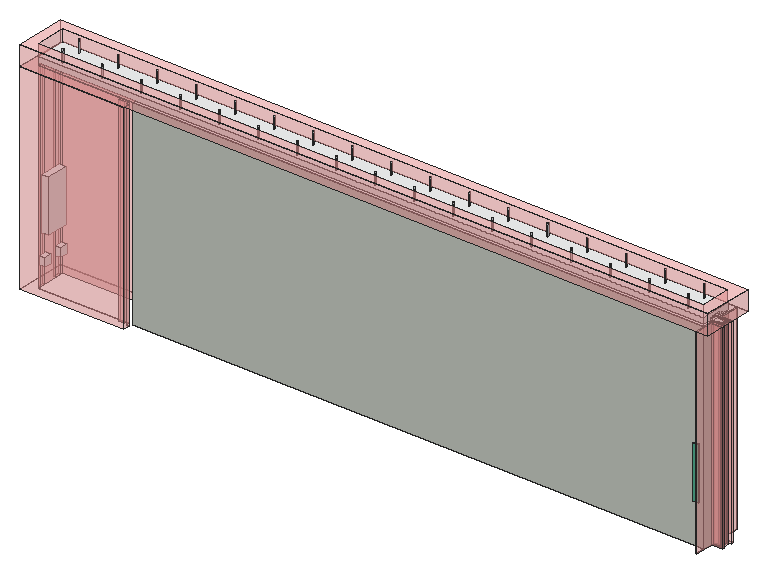
Revit family "Doors-Sliding_WON-DOOR_Fireguard-FG-Straight_Single-Parting-Door - Test V1 -  all heights", category Doors, host Wall, Revit 2022 (continued)
Automatic sketch dimensions
  Masking region 7 sketch curve to Masking region 7 sketch curve = 0' - 0.12231"  (x2)
  Masking region 7 sketch curve to Masking region 7 sketch curve = 0' - 0.07217"  (x2)
  Masking region 7 sketch curve to Masking region 7 sketch curve = 0' - 0.20903"
  Masking region 7 sketch curve to Masking region 7 sketch curve = 0' - 0.20908"
  Masking region 7 sketch curve to Masking region 7 sketch curve = 0' - 0.24494"  (x2)
  Masking region 7 sketch curve to Masking region 7 sketch curve = 0' - 0.03658"  (x2)
  Masking region 7 sketch curve to Masking region 7 sketch curve = 0' - 0.1256"  (x2)
  Masking region 7 sketch curve to Masking region 7 sketch curve = 0' - 0.31574"  (x2)
  Masking region 7 sketch curve to Masking region 7 sketch curve = 0' - 0.01314"  (x2)
  Masking region 7 sketch curve to curve 4 = 0' - 4.78838"  (x2)
  Masking region 7 sketch curve to Masking region 7 sketch curve = 0' - 0.01456"  (x4)
  Masking region 7 sketch curve to curve 4 = 0' - 3 105/256"
  Masking region 7 sketch curve to Masking region 7 sketch curve = 0' - 0.07717"
  curve 4 to Masking region 9 sketch curve = 0' - 1.78349"
  Masking region 9 sketch curve to Masking region 9 sketch curve = 0' - 0 1/8"  (x5)
  Masking region 9 sketch curve to Masking region 9 sketch curve = 0' - 0.27575"  (x3)
  Masking region 9 sketch curve to Masking region 9 sketch curve = 0' - 0 9/256"  (x13)
  Masking region 9 sketch curve to Masking region 9 sketch curve = 0' - 0.07224"
  Masking region 9 sketch curve to Masking region 9 sketch curve = 0' - 0"  (x6)
  Masking region 9 sketch curve to Masking region 9 sketch curve = 0' - 0.03708"
  Masking region 9 sketch curve to Masking region 9 sketch curve = 0' - 0.01219"
  Masking region 9 sketch curve to Masking region 9 sketch curve = 0' - 0.06624"
  Masking region 9 sketch curve to Masking region 9 sketch curve = 0' - 0.07321"
  Masking region 9 sketch curve to Masking region 9 sketch curve = 0' - 0.00942"  (x4)
  Masking region 9 sketch curve to Masking region 9 sketch curve = 0' - 0.02856"
  Masking region 9 sketch curve to Masking region 9 sketch curve = 0' - 0.07411"  (x4)
  Masking region 9 sketch curve to Masking region 9 sketch curve = 0' - 0.06191"  (x2)
  Masking region 9 sketch curve to Masking region 9 sketch curve = 0' - 0.03553"
  Masking region 9 sketch curve to curve 4 = 0' - 1.60527"
  Masking region 9 sketch curve to Masking region 9 sketch curve = 0' - 0.0938"  (x2)
  Masking region 9 sketch curve to Masking region 9 sketch curve = 0' - 0.05839"  (x2)
  Masking region 9 sketch curve to Masking region 9 sketch curve = 0' - 0.06989"
  Masking region 9 sketch curve to curve 4 = 0' - 0.8885"
  Masking region 9 sketch curve to curve 4 = 0' - 0.7635"
  curve 4 to Masking region 9 sketch curve = 0' - 0.72834"
  curve 4 to Masking region 9 sketch curve = 0' - 0.85334"
  curve 4 to Masking region 9 sketch curve = 0' - 1.53701"
  Masking region 9 sketch curve to Masking region 9 sketch curve = 0' - 0.0115"
  Masking region 9 sketch curve to Masking region 9 sketch curve = 0' - 0.0331"
  Masking region 9 sketch curve to Masking region 9 sketch curve = 0' - 0.03678"
  Masking region 9 sketch curve to Masking region 9 sketch curve = 0' - 5 1/16"
  Masking region 9 sketch curve to Masking region 9 sketch curve = 0' - 0.11119"
  Masking region 9 sketch curve to curve 4 = 0' - 10.646"  (x2)
  Masking region 9 sketch curve to Masking region 9 sketch curve = 0' - 0.23106"  (x2)
  Masking region 9 sketch curve to Masking region 9 sketch curve = 0' - 0.24143"  (x2)
  Masking region 9 sketch curve to Masking region 9 sketch curve = 0' - 0.27657"  (x3)
  Masking region 9 sketch curve to Masking region 9 sketch curve = 0' - 0.24019"  (x2)
  Masking region 9 sketch curve to Masking region 9 sketch curve = 0' - 0.1348"  (x2)
  Masking region 9 sketch curve to Masking region 9 sketch curve = 0' - 0.00201"  (x2)
  Masking region 9 sketch curve to Masking region 9 sketch curve = 0' - 0.1066"
  Masking region 9 sketch curve to Masking region 9 sketch curve = 0' - 0.81434"  (x2)
  Masking region 9 sketch curve to Masking region 9 sketch curve = 0' - 0.164"  (x2)
  Masking region 9 sketch curve to Masking region 9 sketch curve = 0' - 0.81213"
  Masking region 9 sketch curve to curve 4 = 0' - 7.58972"
  Masking region 9 sketch curve to Masking region 9 sketch curve = 0' - 0.10881"  (x2)
  Masking region 9 sketch curve to Masking region 9 sketch curve = 0' - 0.03314"  (x2)
  Masking region 9 sketch curve to Masking region 9 sketch curve = 0' - 0.2382"  (x2)
  Masking region 9 sketch curve to Masking region 9 sketch curve = 0' - 0.03837"  (x2)
  Masking region 9 sketch curve to curve 4 = 0' - 4.78838"  (x2)
  Masking region 9 sketch curve to Masking region 9 sketch curve = 0' - 0.01456"  (x4)
  Masking region 9 sketch curve to curve 4 = 0' - 3 105/256"
  Masking region 9 sketch curve to Masking region 9 sketch curve = 0' - 0.08263"
  Masking region 9 sketch curve to Masking region 9 sketch curve = 0' - 0.07566"
  curve 4 to Masking region 13 sketch curve = 0' - 2.26867"
  Masking region 13 sketch curve to curve 4 = 0' - 0.9355"
  curve 4 to Masking region 13 sketch curve = 0' - 0.9355"
  Masking region 13 sketch curve to Masking region 13 sketch curve = 0' - 5.79583"
  Masking region 13 sketch curve to curve 4 = 0' - 10.64611"
  Masking region 13 sketch curve to Masking region 13 sketch curve = 0' - 3.33295"
  Masking region 13 sketch curve to curve 4 = 0' - 7.31315"
  Masking region 13 sketch curve to curve 4 = 0' - 2.945"
Nested families (in)
  nested 1: "Electrical_Won-Door_Straight-Door" at (-225.5625, 0, 0), Connector Description <- "Connector Description", Voltage <- "Voltage", Power Factor <- "Power Factor", Number of Poles <- "Number of Poles", Current <- "Current", Apparent Load <- "Apparent Load", type "Electrical_Won-Door_Doors"
    with Voltage 120 V, Power Factor 1, Number of Poles 1, Current 10 A, Connector Description "100-240 VAC, 60/50 Hz, 10 AMP", Apparent Load 1200 VA
  nested 2: "Rod_element" at (-215.0625, 0, 124.12), visible <- "Threaded Rods ( by Won-Door )", type "Rod_element"
  nested 3: "Rod_element" at (159.0625, 0, 124.12), visible <- "Threaded Rods ( by Won-Door )", type "Rod_element"
  nested 4: "Rod_element" at (-191.67969, 0, 124.12), visible <- "Threaded Rods ( by Won-Door )", type "Rod_element"
  nested 5: "Rod_element" at (-168.29688, 0, 124.12), visible <- "Threaded Rods ( by Won-Door )", type "Rod_element"
  nested 6: "Rod_element" at (-144.91406, 0, 124.12), visible <- "Threaded Rods ( by Won-Door )", type "Rod_element"
  nested 7: "Rod_element" at (-121.53125, 0, 124.12), visible <- "Threaded Rods ( by Won-Door )", type "Rod_element"
  nested 8: "Rod_element" at (-98.14844, 0, 124.12), visible <- "Threaded Rods ( by Won-Door )", type "Rod_element"
  nested 9: "Rod_element" at (-74.76563, 0, 124.12), visible <- "Threaded Rods ( by Won-Door )", type "Rod_element"
  nested 10: "Rod_element" at (-51.38281, 0, 124.12), visible <- "Threaded Rods ( by Won-Door )", type "Rod_element"
  nested 11: "Rod_element" at (-28, 0, 124.12), visible <- "Threaded Rods ( by Won-Door )", type "Rod_element"
  nested 12: "Rod_element" at (-4.61719, 0, 124.12), visible <- "Threaded Rods ( by Won-Door )", type "Rod_element"
  nested 13: "Rod_element" at (18.76562, 0, 124.12), visible <- "Threaded Rods ( by Won-Door )", type "Rod_element"
  nested 14: "Rod_element" at (42.14844, 0, 124.12), visible <- "Threaded Rods ( by Won-Door )", type "Rod_element"
  nested 15: "Rod_element" at (65.53125, 0, 124.12), visible <- "Threaded Rods ( by Won-Door )", type "Rod_element"
  nested 16: "Rod_element" at (88.91406, 0, 124.12), visible <- "Threaded Rods ( by Won-Door )", type "Rod_element"
  nested 17: "Rod_element" at (112.29687, 0, 124.12), visible <- "Threaded Rods ( by Won-Door )", type "Rod_element"
  nested 18: "Rod_element" at (135.67969, 0, 124.12), visible <- "Threaded Rods ( by Won-Door )", type "Rod_element"
Definition of nested family "Electrical_Won-Door_Straight-Door"
  Parameters (values of type "Electrical_Won-Door_Doors")
    Voltage [instance] = 0 V
    Power Factor [instance] = 0
    Number of Poles [instance] = 1
    Default Elevation = 4' - 0"
    Current [instance] = 10 A
    Connector Description [instance] = "100-240 VAC, 60/50 Hz, 10 AMP"
    Apparent Load [instance] = 0 VA
  Reference planes (in)
    plane 1 "Center (Front/Back)": y = 0
    plane 2: z = 0
    plane 3 "Center (Left/Right)": x = 0
    plane 4: z = 12
    plane 5: z = 17.25
  Forms (in)
    Extrusion 1, solid
      sketch origin (0, 0, 0) x (1, 0, 0) y (0, 1, 0)
        loop
          line (1.5, 4) -> (1.5, 8) -> (-1.5, 8) -> (-1.5, 4) -> (1.5, 4)
        loop
          line (1.5, -4) -> (-1.5, -4) -> (-1.5, -8) -> (1.5, -8) -> (1.5, -4)
      from 12 to 17.25
  Dimensions and locks (in)
    equal spacing: Extrusion 1 sketch curve, plane 1 "Center (Front/Back)", Extrusion 1 sketch curve, locked at 4 each
    locked: plane 1 "Center (Front/Back)" to Extrusion 1 sketch curve at 8
    locked: Extrusion 1 sketch curve to plane 1 "Center (Front/Back)" at 8
    equal spacing: Extrusion 1 sketch curve, plane 3 "Center (Left/Right)", Extrusion 1 sketch curve, locked at 1.5 each  (x2)
    locked: Extrusion 1 sketch curve to Extrusion 1 sketch curve at 3  (x2)
    locked: Extrusion 1 sketch curve to Extrusion 1 sketch curve at 8
    locked: plane 4 to plane 2 at 12
    locked: plane 5 to plane 4 at 5.25
    aligned and locked: plane 2 to level
    aligned and locked: Extrusion 1 to plane 4
    aligned and locked: plane 5 to Extrusion 1
  Connectors (in)
    electrical at (0, -8, 14.625), driven by "Number of Poles", driven by "Voltage", driven by "Power Factor", driven by "Apparent Load", driven by "Apparent Load", driven by "Connector Description"
      settings: on Extrusion 1, index 1, voltage 0 V, apparent load 0 VA, apparent load phase1 0 VA, apparent load phase2 0 VA, apparent load phase3 0 VA, power factor 0, load classification none, number of poles 1, system type 30, power factor state 1, is connector primary yes, connector utility no, sub classification motor no, connector description "100-240 VAC, 60/50 Hz, 10 AMP"
Definition of nested family "Rod_element"
  Parameters (values of type "Rod_element")
    Vis Rod = yes
    Rod Radius = 0' - 0 1/4"  # constant formula
    Rod Height = 0' - 7 1/256"
    Rod Center Position for Depth = 1' - 0"  # constant formula
    Rod Start = 0' - 0"  # constant formula
    Default Elevation = 4' - 0"
  Reference planes (in)
    plane 1 "Center (Front/Back)": y = 0
    plane 2: z = 0
    plane 3 "Center (Left/Right)": x = 0
    plane 4: y = 6
    plane 5: y = -6
    plane 6: x = 0
    plane 7: z = 7.00391
  Forms (in)
    Extrusion 1, solid, visible <- "Vis Rod", detail levels medium+fine
      sketch origin (59, 0, 0) x (1, 0, 0) y (0, 1, 0)
        loop
          circle (-59, 6) r 0.25
        loop
          circle (-59, -6) r 0.25
      from 0 <- "Rod Start" to 7.00391 <- "Rod Height"
    Extrusion 2, solid, visible <- "Vis Rod", detail levels coarse
      sketch origin (19, 0, 0) x (1, 0, 0) y (0, 1, 0)
        loop
          line (-19.25, 5.75) -> (-18.75, 5.75) -> (-18.75, 6.25) -> (-19.25, 6.25) -> (-19.25, 5.75)
        loop
          line (-19.25, -5.75) -> (-19.25, -6.25) -> (-18.75, -6.25) -> (-18.75, -5.75) -> (-19.25, -5.75)
      from 0 <- "Rod Start" to 7.00391 <- "Rod Height"
  Lines and regions (in)
    symbolic lines, visible <- "Vis Rod", detail levels coarse
      curve 1: line (-0.25, 6.25, 0) -> (-0.25, 5.75, 0)
      curve 2: line (0.25, 6.25, 0) -> (-0.25, 6.25, 0)
      curve 3: line (0.25, 5.75, 0) -> (0.25, 6.25, 0)
      curve 4: line (-0.25, 5.75, 0) -> (0.25, 5.75, 0)
      curve 5: line (0.25, -5.75, 0) -> (-0.25, -5.75, 0)
      curve 6: line (0.25, -6.25, 0) -> (0.25, -5.75, 0)
      curve 7: line (-0.25, -6.25, 0) -> (0.25, -6.25, 0)
      curve 8: line (-0.25, -5.75, 0) -> (-0.25, -6.25, 0)
    symbolic lines, visible <- "Vis Rod", detail levels medium+fine
      curve 9: arc (0.25, 6, 0) -> (0, 6.25, 0) -> (-0.25, 6, 0) r 0.25
      curve 10: arc (-0.25, 6, 0) -> (0, 5.75, 0) -> (0.25, 6, 0) r 0.25
      curve 11: arc (0.25, -6, 0) -> (0, -5.75, 0) -> (-0.25, -6, 0) r 0.25
      curve 12: arc (-0.25, -6, 0) -> (0, -6.25, 0) -> (0.25, -6, 0) r 0.25
  Dimensions and locks (in)
    equal spacing: plane 4, plane 1 "Center (Front/Back)", plane 5
    "Rod Center Position for Depth": plane 4 to plane 5
    "Rod Height": plane 7 to plane 2
    locked: Extrusion 2 sketch curve to Extrusion 2 sketch curve at 0.5  (x4)
    "Rod Radius": radius of Extrusion 1 sketch curve  (x2)
    aligned and locked: plane 2 to level
    aligned and locked: Extrusion 2 sketch curve to Extrusion 2 sketch curve
    aligned and locked: curve 1 to Extrusion 2
    aligned and locked: curve 2 to Extrusion 2
    aligned and locked: curve 3 to Extrusion 2
    aligned and locked: curve 4 to Extrusion 2
    aligned and locked: curve 5 to Extrusion 2
    aligned and locked: curve 6 to Extrusion 2
    aligned and locked: curve 7 to Extrusion 2
    aligned and locked: curve 8 to Extrusion 2
    aligned and locked: curve 9 to Extrusion 1
    aligned and locked: curve 10 to Extrusion 1
    aligned and locked: curve 11 to Extrusion 1
    aligned and locked: curve 12 to Extrusion 1
  Automatic sketch dimensions
    Extrusion 2 sketch curve to Extrusion 2 sketch curve = 0' - 11 1/2"
    curve 9 to curve 10 = 0' - 0"  (x5)
    curve 11 to curve 12 = 0' - 0"  (x5)
    curve 1 to curve 5 = 1' - 0"
    curve 11 to curve 12 = 0' - 0 1/4"
    curve 1 to curve 9 = 0' - 0.35355"  (x2)
    curve 9 to curve 4 = 0' - 0.35355"
    curve 7 to curve 12 = 0' - 0.35355"
    curve 11 to curve 6 = 0' - 0 1/4"
    curve 5 to curve 4 = 0' - 11 1/2"
    curve 9 to curve 2 = 0' - 0 1/4"  (x2)
    curve 10 to curve 9 = 0' - 0"
    Extrusion 2 sketch curve to plane 6 = 0' - 0 1/4"
    Extrusion 2 sketch curve to plane 5 = 0' - 0 1/4"
    curve 12 to plane 5 = 0' - 0"
    curve 10 to plane 4 = 0' - 0"
    curve 10 to plane 3 "Center (Left/Right)" = 0' - 0"
    curve 11 to plane 3 "Center (Left/Right)" = 0' - 0"
    curve 7 to plane 3 "Center (Left/Right)" = 0' - 0 1/4"
    curve 4 to plane 3 "Center (Left/Right)" = 0' - 0 1/4"
    curve 6 to curve 11 = 0' - 0 1/4"
    plane 5 to curve 6 = 0' - 0 1/4"
    curve 4 to plane 4 = 0' - 0 1/4"
    Extrusion 1 sketch curve to plane 3 "Center (Left/Right)" = 0' - 0"  (x2)
    Extrusion 1 sketch curve to plane 5 = 0' - 0"
    Extrusion 1 sketch curve to plane 4 = 0' - 0"
Types (4): name | Width Count | Width | Lookup Table Stack Depth | Stack Depth | Rough Width | Rough Height | Real Step for Threaded Rods | Pocket Thickness | Offset for Stack Depth | Offset for Backing Width | Offset for Backing Depth | Height | General Length for Rod | Fire Rating | Count Rod | Clear Opening Width | Clear Opening Height
  (no name) | 342 | 28' - 6 1/8" | 4' - 8" | 4' - 2" | 33' - 2 1/4" | 10' - 11 1/8" | 1' - 11 49/128" | 2' - 6 1/4" | 0' - 6 1/8" | 0' - 3 1/4" | 0' - 7 3/8" | 9' - 11 1/8" | 33' - 2 1/8" | "90 Minute Fire Rating" | 17 | 28' - 6 1/8" | 9' - 11 1/8"
  20/60 Minute | 84 | 7' - 0" | 2' - 5" | 2' - 4" | 9' - 8 7/8" | 11' - 0" | 1' - 10 1/4" | 2' - 3 3/4" | 0' - 4 7/8" | 0' - 3 1/8" | 0' - 6 1/8" | 10' - 0" | 9' - 5" | "20/60 Minute Fire Rating" | 5 | 7' - 0" | 10' - 0"
  90 Minute | 342 | 28' - 6 1/8" | 4' - 8" | 4' - 2" | 33' - 2 1/4" | 10' - 11 1/8" | 1' - 11 49/128" | 2' - 6 1/4" | 0' - 6 1/8" | 0' - 3 1/4" | 0' - 7 3/8" | 9' - 11 1/8" | 33' - 2 1/8" | "90 Minute Fire Rating" | 17 | 28' - 6 1/8" | 9' - 11 1/8"
  180 Minute | 84 | 7' - 0" | 2' - 5" | 2' - 4" | 9' - 11 3/8" | 11' - 0" | 1' - 10 1/4" | 2' - 8 3/4" | 0' - 7 3/8" | 0' - 3 1/4" | 0' - 8 5/8" | 10' - 0" | 9' - 5" | "180 Minute Fire Rating" | 5 | 7' - 0" | 10' - 0"
